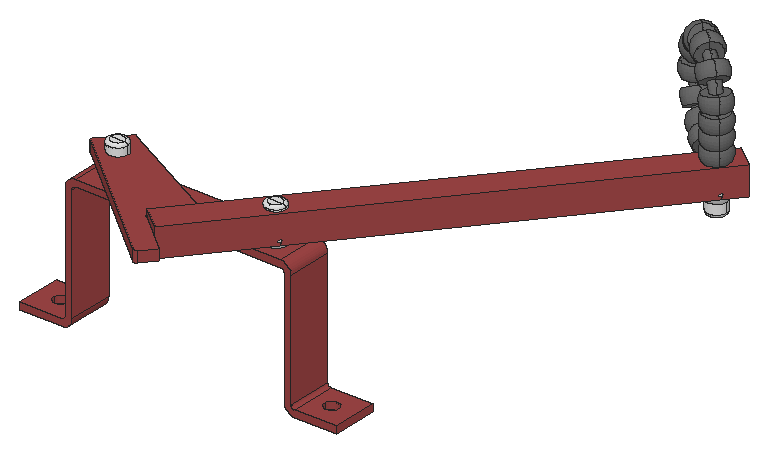
Revit family
Parameters (values of type "507040")
  URL = "www.galvinengineering.com.au"
  Type Comments = "507040"
  StyleOrType_ANZRS = "Fire Hose Reel Accessory"
  ModifiedIssue_ANZRS = 20120808.01  # constant formula
  Model = "507040"
  Manufacturer = "Galvin Engineering"
  Keynote = "10520"
  Instructions = "http://www.galvinengineering.com.au/Installation_Guides_1.aspx"
  FilterObject_ANZRS = "507040"
  DimHeight = 148.0 mm  # constant formula
  Description = "Fire Hose Reel Remote Wall Mounted Swing Arm"
  CreatedBy_ANZRS = "Galvin Engineering"
  CreatedByURL_ANZRS = "www.galvinengineering.com.au"
  CreatedByPhoneNo_ANZRS = "61-8-92495900"
  Assembly Code = "D4030"
Reference planes
  plane 1 "Center (Front/Back)": y = 0
  plane 2 "Bottom": z = 0
  plane 3 "Center (Left/Right)": x = 0
  plane 4 "01": through (277.363, 233.245, 4000) normal (-0.6338, -0.7735, 0)
  plane 5 "Left": x = -120
  plane 6: x = 120
  plane 7: y = 307
  plane 8: y = 20
  plane 9 "Top": z = 148
Forms (mm)
  Extrusion 1, solid, material "Metal_Fire-Fighting_Zincalume-Steel-Powder-Coated_15400"
    sketch origin (0, 0, 0) x (1, 0, 0) y (0, 0, 1)
      loop
        line (-103, 6) -> (-140, 6) -> (-140, 0) -> (-103, 0)
        arc (-103, 0) -> (-96.636, 2.636) -> (-94, 9) r 9
        line (-94, 9) -> (-94, 111.5)
        arc (-94, 111.5) -> (-93.121, 113.621) -> (-91, 114.5) r 3
        line (-91, 114.5) -> (91, 114.5)
        arc (91, 114.5) -> (93.121, 113.621) -> (94, 111.5) r 3
        line (94, 111.5) -> (94, 9)
        arc (94, 9) -> (96.636, 2.636) -> (103, 0) r 9
        line (103, 0) -> (140, 0) -> (140, 6) -> (103, 6)
        arc (103, 6) -> (100.879, 6.879) -> (100, 9) r 3
        line (100, 9) -> (100, 111.5)
        arc (100, 111.5) -> (97.364, 117.864) -> (91, 120.5) r 9
        line (91, 120.5) -> (-91, 120.5)
        arc (-91, 120.5) -> (-97.364, 117.864) -> (-100, 111.5) r 9
        line (-100, 111.5) -> (-100, 9)
        arc (-100, 9) -> (-100.879, 6.879) -> (-103, 6) r 3
    from -20 to 20
  Extrusion 2, solid, material "Metal_Fire-Fighting_Zincalume-Steel-Powder-Coated_15400"
    sketch origin (0, 0, 0) x (1, 0, 0) y (0, 1, 0)
      loop
        line (-93.068, -1.135) -> (25.596, -102.402)
        arc (25.596, -102.402) -> (27.78, -103.11) -> (29.826, -102.067) r 3
        line (29.826, -102.067) -> (39.563, -90.657) -> (3.051, -59.498) -> (28.367, -29.832) -> (-72.448, 24.016)
        arc (-72.448, 24.016) -> (-74.419, 24.318) -> (-76.144, 23.318) r 3
        line (-76.144, 23.318) -> (-93.402, 3.094)
        arc (-93.402, 3.094) -> (-94.111, 0.91) -> (-93.068, -1.135) r 3
    from 133 to 142.5
  Extrusion 3, solid, material "Metal_Fire-Fighting_Zincalume-Steel-Powder-Coated_15400"
    sketch origin (0, 0, 0) x (1, 0, 0) y (0, 1, 0)
      loop
        line (4.112, -59.985) -> (23.836, -76.148) -> (290.039, 248.715) -> (270.315, 264.877) -> (4.112, -59.985)
    from 122.5 to 148
  Revolve 4, solid, material "Metal_Fire-Fighting_Steel_15400"
    sketch origin (0, 0, 0) x (1, 0, 0) y (0, 0, 1)
      loop
        line (-69.75, 105.962) -> (-63.59, 105.962)
        arc (-63.59, 105.962) -> (-61.822, 106.694) -> (-61.09, 108.462) r 2.5
        line (-61.09, 108.462) -> (-61.09, 117.258)
        arc (-61.09, 117.258) -> (-57.229, 126.75) -> (-61.09, 136.242) r 13.598
        line (-61.09, 136.242) -> (-61.09, 149)
        arc (-61.09, 149) -> (-61.822, 150.768) -> (-63.59, 151.5) r 2.5
        line (-63.59, 151.5) -> (-69.75, 151.5) -> (-69.75, 105.962)
      axis (-69.75, 151.5) -> (-69.75, 105.962)
    angle from 0 to 360
  Revolve 5, solid, material "Metal_Fire-Fighting_Steel_15400"
    sketch origin (140, 0, 0) x (1, 0, 0) y (0, 0, 1)
      loop
        line (-69.75, 105.962) -> (-63.59, 105.962)
        arc (-63.59, 105.962) -> (-61.822, 106.694) -> (-61.09, 108.462) r 2.5
        line (-61.09, 108.462) -> (-61.09, 117.258)
        arc (-61.09, 117.258) -> (-57.229, 126.75) -> (-61.09, 136.242) r 13.598
        line (-61.09, 136.242) -> (-61.09, 149)
        arc (-61.09, 149) -> (-61.822, 150.768) -> (-63.59, 151.5) r 2.5
        line (-63.59, 151.5) -> (-69.75, 151.5) -> (-69.75, 105.962)
      axis (-69.75, 151.5) -> (-69.75, 105.962)
    angle from 0 to 360
  Revolve 6, solid, material "Metal_Fire-Fighting_Steel_15400"
    sketch origin (337.751, 241.327, 0) x (1, 0, 0) y (0, 0, 1)
      loop
        line (-69.75, 105.962) -> (-63.59, 105.962)
        arc (-63.59, 105.962) -> (-61.822, 106.694) -> (-61.09, 108.462) r 2.5
        line (-61.09, 108.462) -> (-61.09, 117.258)
        arc (-61.09, 117.258) -> (-57.229, 126.75) -> (-61.09, 136.242) r 13.598
        line (-61.09, 136.242) -> (-61.09, 149)
        arc (-61.09, 149) -> (-61.822, 150.768) -> (-63.59, 151.5) r 2.5
        line (-63.59, 151.5) -> (-69.75, 151.5) -> (-69.75, 105.962)
      axis (-69.75, 151.5) -> (-69.75, 105.962)
    angle from 0 to 360
  Extrusion 7, void
    sketch origin (0, 0, 0) x (1, 0, 0) y (0, 1, 0)
      loop
        circle (-120, 0) r 6.5
      loop
        circle (120, 0) r 6.5
    from 0 to 10
  Revolve 8, solid, material "Metal_Fire-Fighting_Black_15400"
    sketch origin (80.065, 395.143, 0) x (0.773483, -0.633817, 0) y (0, 0, 1)
      loop
        arc (253.52, 173.113) -> (255.041, 179.363) -> (253.52, 185.613) r 13.598
        line (253.52, 185.613) -> (242.52, 185.613) -> (242.52, 148) -> (253.461, 148)
        arc (253.461, 148) -> (255.041, 154.299) -> (253.52, 160.613) r 13.598
        arc (253.52, 160.613) -> (255.041, 166.863) -> (253.52, 173.113) r 13.598
      axis (242.52, 185.613) -> (242.52, 148)
    angle from 0 to 360
  Revolve 9, solid, material "Metal_Fire-Fighting_Black_15400"
    sketch origin (88.099, 388.56, 31.968) x (0.773483, -0.633817, 0) y (0, 0, 1)
      loop
        line (230.176, 168.014) -> (232.1, 155.663) -> (242.968, 157.356)
        arc (242.968, 157.356) -> (243.51, 163.766) -> (241.045, 169.707) r 13.598
        line (241.045, 169.707) -> (230.176, 168.014)
      axis (230.176, 168.014) -> (232.1, 155.663)
    angle from 0 to 360
  Revolve 10, solid, material "Metal_Fire-Fighting_Black_15400"
    sketch origin (181.825, 311.758, -52.578) x (0.639081, -0.523685, 0.56332) y (-0.435718, 0.357042, 0.826239)
      loop
        line (230.176, 168.014) -> (232.1, 155.663) -> (242.968, 157.356)
        arc (242.968, 157.356) -> (243.51, 163.766) -> (241.045, 169.707) r 13.598
        line (241.045, 169.707) -> (230.176, 168.014)
      axis (230.176, 168.014) -> (232.1, 155.663)
    angle from 0 to 360
  Revolve 11, solid, material "Metal_Fire-Fighting_Black_15400"
    sketch origin (296.103, 218.115, -54.174) x (0.282585, -0.231559, 0.930874) y (-0.720015, 0.590004, 0.365341)
      loop
        line (230.176, 168.014) -> (232.1, 155.663) -> (242.968, 157.356)
        arc (242.968, 157.356) -> (243.51, 163.766) -> (241.045, 169.707) r 13.598
        line (241.045, 169.707) -> (230.176, 168.014)
      axis (230.176, 168.014) -> (232.1, 155.663)
    angle from 0 to 360
  Revolve 12, solid, material "Metal_Fire-Fighting_Black_15400"
    sketch origin (391.22, 140.173, 27.735) x (-0.172116, 0.141038, 0.974928) y (-0.75409, 0.617926, -0.222521)
      loop
        line (230.176, 168.014) -> (232.1, 155.663) -> (242.968, 157.356)
        arc (242.968, 157.356) -> (243.51, 163.766) -> (241.045, 169.707) r 13.598
        line (241.045, 169.707) -> (230.176, 168.014)
      axis (230.176, 168.014) -> (232.1, 155.663)
    angle from 0 to 360
  Revolve 13, solid, material "Metal_Fire-Fighting_Black_15400"
    sketch origin (434.119, 105.02, 164.684) x (-0.567003, 0.464621, 0.680173) y (-0.526102, 0.431105, -0.733052)
      loop
        line (230.176, 168.014) -> (232.1, 155.663) -> (242.968, 157.356)
        arc (242.968, 157.356) -> (243.51, 163.766) -> (241.045, 169.707) r 13.598
        line (241.045, 169.707) -> (230.176, 168.014)
      axis (230.176, 168.014) -> (232.1, 155.663)
    angle from 0 to 360
  Revolve 14, solid, material "Metal_Fire-Fighting_Black_15400"
    sketch origin (409.893, 124.871, 309.08) x (-0.764844, 0.626738, 0.149042) y (-0.115282, 0.094466, -0.988831)
      loop
        line (230.176, 168.014) -> (232.1, 155.663) -> (242.968, 157.356)
        arc (242.968, 157.356) -> (243.51, 163.766) -> (241.045, 169.707) r 13.598
        line (241.045, 169.707) -> (230.176, 168.014)
      axis (230.176, 168.014) -> (232.1, 155.663)
    angle from 0 to 360
  Revolve 15, solid, material "Metal_Fire-Fighting_Black_15400"
    sketch origin (326.961, 192.829, 410.742) x (-0.696884, 0.57105, -0.433884) y (0.335602, -0.275003, -0.900969)
      loop
        line (230.176, 168.014) -> (232.1, 155.663) -> (242.968, 157.356)
        arc (242.968, 157.356) -> (243.51, 163.766) -> (241.045, 169.707) r 13.598
        line (241.045, 169.707) -> (230.176, 168.014)
      axis (230.176, 168.014) -> (232.1, 155.663)
    angle from 0 to 360
  Revolve 16, solid, material "Metal_Fire-Fighting_Black_15400"
    sketch origin (248.593, 257.047, 434.834) x (-0.486983, 0.39905, -0.776922) y (0.600935, -0.492426, -0.629597)
      loop
        line (228.252, 180.365) -> (232.1, 155.663) -> (242.968, 157.356)
        arc (242.968, 157.356) -> (243.51, 163.766) -> (241.045, 169.707) r 13.598
        arc (241.045, 169.707) -> (241.586, 176.117) -> (239.121, 182.058) r 13.598
        line (239.121, 182.058) -> (228.252, 180.365)
      axis (228.252, 180.365) -> (232.1, 155.663)
    angle from 0 to 360
  Sweep 17, solid, material "Metal_Fire-Fighting_Black_15400"
    path origin (80.065, 395.143, 0) x (0.773483, -0.633817, 0) y (0, 0, 1)
      loop
        arc (242.479, 184.436) -> (190.836, 216.029) -> (192.106, 155.502) r 34.5
    profile origin (227.674, 274.188, 216.029) x (0.385252, -0.315688, -0.867134) y (-0.633817, -0.773483, 0)
      loop
        circle (0, 0) r 5
Cuts and joins
  Extrusion 7 cuts Extrusion 1
  Extrusion 7 cuts Extrusion 2
  Extrusion 7 cuts Extrusion 3
  joined: Extrusion 1, Extrusion 2, Extrusion 3
  joined: Revolve 8, Revolve 9, Revolve 10, Revolve 11, Revolve 12, Revolve 13, Revolve 14, Revolve 15, Revolve 16, Sweep 17
  Extrusion 7 cuts Revolve 4
  Extrusion 7 cuts Revolve 5
Lines and regions (mm)
  symbolic lines
    curve 1: spline (198.202, 283.835, 0) -> (197.186, 285.841, 0) -> (196.738, 288.189, 0) -> (196.881, 290.752, 0) -> (197.608, 293.39, 0) -> (198.88, 295.961, 0) -> (200.627, 298.325, 0) -> (202.754, 300.353, 0) -> (205.146, 301.935, 0) -> (207.673, 302.986, 0) -> (210.198, 303.448, 0) -> (212.584, 303.296, 0) -> (214.701, 302.538, 0)
    curve 2: arc (214.701, 302.538, 0) -> (195.364, 302.967, 0) -> (198.202, 283.835, 0) r 12.652
    curve 3: spline (214.227, 279.712, 0) -> (209.29, 277.904, 0) -> (204.709, 278.398, 0) -> (201.423, 281.093, 0) -> (200.105, 285.436, 0) -> (201.024, 290.539, 0) -> (203.992, 295.356, 0) -> (208.402, 298.902, 0) -> (213.35, 300.45, 0) -> (217.824, 299.684, 0) -> (220.907, 296.76, 0) -> (221.969, 292.277, 0) -> (220.791, 287.152, 0)
    curve 4: line (198.202, 283.835, 0) -> (201.737, 280.299, 0)
    curve 5: line (214.701, 302.538, 0) -> (218.568, 299.369, 0)
    curve 6: line (280.177, 256.796, 0) -> (275.492, 251.064, 0)
    curve 7: line (64.607, -6.129, 0) -> (13.974, -68.066, 0)
    curve 8: line (260.095, 231.695, 0) -> (75.731, 6.705, 0)
    curve 9: line (-40.673, -6.66, 0) -> (-53.796, -22.039, 0)
    curve 10: line (-53.796, -22.039, 0) -> (-61.256, -15.673, 0)
    curve 11: line (-61.256, -15.673, 0) -> (-48.132, -0.294, 0)
    curve 12: line (-48.132, -0.294, 0) -> (-40.673, -6.66, 0)
Dimensions and locks
  locked: plane 7 to plane 8 at 287
  locked: plane 5 "Left" to plane 6 at 240
  "DimHeight": plane 9 "Top" to plane 2 "Bottom"
  aligned and locked: plane 2 "Bottom" to level
  aligned and locked: Extrusion 1 sketch curve to plane 2 "Bottom"
Automatic sketch dimensions
  curve 11 to plane 5 "Left" = 58.744 mm
  plane 1 "Center (Front/Back)" to curve 10 = 22.039 mm
  curve 10 to curve 10 = 7.459 mm
  plane 1 "Center (Front/Back)" to curve 11 = 0.294 mm
  curve 10 to curve 11 = 13.124 mm
  plane 3 "Center (Left/Right)" to curve 7 = 13.974 mm
  plane 1 "Center (Front/Back)" to curve 7 = 6.129 mm
  plane 6 to curve 7 = 55.393 mm
  curve 8 to plane 1 "Center (Front/Back)" = 6.705 mm
  curve 7 to curve 8 = 11.124 mm
  plane 7 to curve 4 = 23.165 mm
  curve 4 to plane 6 = 78.202 mm
  curve 4 to curve 1 = 1.062 mm
  plane 7 to curve 4 = 26.701 mm
  curve 1 to curve 4 = 2.474 mm
  curve 4 to curve 3 = 0.926 mm
  curve 1 to curve 2 = 6.65 mm
  curve 2 to curve 1 = 2.782 mm
  curve 1 to curve 3 = 3.4 mm
  curve 3 to curve 3 = 3.195 mm
  plane 7 to curve 5 = 4.462 mm
  curve 1 to curve 5 = 7.068 mm
  plane 7 to curve 5 = 7.631 mm
  curve 2 to curve 5 = 3.867 mm
  curve 3 to curve 3 = 6.564 mm
  curve 3 to curve 8 = 45.868 mm
  plane 7 to curve 6 = 55.936 mm
  curve 8 to curve 6 = 15.396 mm
  plane 7 to curve 6 = 50.204 mm
  curve 6 to curve 6 = 4.686 mm
  plane 1 "Center (Front/Back)" to curve 7 = 68.066 mm
  curve 8 to curve 6 = 19.37 mm
  curve 3 to curve 4 = 0.642 mm
  curve 3 to curve 3 = 9.434 mm
  Extrusion 1 sketch curve to Extrusion 1 sketch curve = 0.0 mm  (x8)
  Extrusion 1 sketch curve to level = 0.0 mm
  level to Extrusion 1 sketch curve = 6.0 mm
  plane 5 "Left" to Extrusion 1 sketch curve = 20.0 mm
  Extrusion 1 sketch curve to plane 5 "Left" = 17.0 mm
  Extrusion 1 sketch curve to Extrusion 1 sketch curve = 3.0 mm  (x2)
  plane 6 to Extrusion 1 sketch curve = 29.0 mm
  level to Extrusion 1 sketch curve = 9.0 mm
  plane 6 to Extrusion 1 sketch curve = 26.0 mm
  Extrusion 1 sketch curve to plane 6 = 20.0 mm
  plane 9 "Top" to Extrusion 1 sketch curve = 36.5 mm
  Extrusion 2 sketch curve to plane 1 "Center (Front/Back)" = 3.094 mm
  Extrusion 2 sketch curve to plane 5 "Left" = 26.598 mm
  plane 1 "Center (Front/Back)" to Extrusion 2 sketch curve = 1.135 mm
  Extrusion 2 sketch curve to Extrusion 2 sketch curve = 0.335 mm
  Extrusion 2 sketch curve to plane 1 "Center (Front/Back)" = 1.147 mm
  plane 8 to Extrusion 2 sketch curve = 3.318 mm
  Extrusion 2 sketch curve to Extrusion 2 sketch curve = 17.259 mm
  plane 8 to Extrusion 2 sketch curve = 1.37 mm
  Extrusion 2 sketch curve to Extrusion 2 sketch curve = 2.282 mm  (x2)
  plane 8 to Extrusion 2 sketch curve = 4.016 mm
  plane 3 "Center (Left/Right)" to Extrusion 2 sketch curve = 3.051 mm
  plane 3 "Center (Left/Right)" to Extrusion 2 sketch curve = 25.596 mm
  Extrusion 2 sketch curve to Extrusion 2 sketch curve = 1.947 mm  (x2)
  plane 3 "Center (Left/Right)" to Extrusion 2 sketch curve = 28.367 mm
  Extrusion 2 sketch curve to Extrusion 2 sketch curve = 9.737 mm
  plane 1 "Center (Front/Back)" to Extrusion 2 sketch curve = 29.832 mm
  Extrusion 2 sketch curve to Extrusion 2 sketch curve = 29.666 mm
  plane 3 "Center (Left/Right)" to Extrusion 3 sketch curve = 4.112 mm
  plane 3 "Center (Left/Right)" to Extrusion 3 sketch curve = 23.836 mm
  plane 7 to Extrusion 3 sketch curve = 42.123 mm
  Extrusion 3 sketch curve to plane 6 = 150.315 mm
  Extrusion 3 sketch curve to Extrusion 3 sketch curve = 16.162 mm
  Revolve 4 sketch curve to plane 5 "Left" = 49.174 mm
  Revolve 4 sketch curve to plane 9 "Top" = 3.5 mm
  Revolve 4 sketch curve to Revolve 4 sketch curve = 1.076 mm  (x2)
  Revolve 4 sketch curve to Revolve 4 sketch curve = 6.16 mm  (x2)
  Revolve 4 sketch curve to Revolve 4 sketch curve = 8.66 mm
  Revolve 4 sketch curve to Revolve 4 sketch curve = 2.5 mm
  plane 9 "Top" to Revolve 4 sketch curve = 11.758 mm
  Revolve 4 sketch curve to Revolve 4 sketch curve = 7.511 mm
  Revolve 4 sketch curve to Revolve 4 sketch curve = 1.981 mm
  Revolve 4 sketch curve to Revolve 4 sketch curve = 8.796 mm
  Revolve 4 sketch curve to Revolve 4 sketch curve = 13.689 mm
  plane 6 to Revolve 5 sketch curve = 50.826 mm
  Revolve 5 sketch curve to plane 9 "Top" = 3.5 mm
  Revolve 5 sketch curve to Revolve 5 sketch curve = 1.076 mm  (x2)
  Revolve 5 sketch curve to Revolve 5 sketch curve = 6.16 mm  (x2)
  Revolve 5 sketch curve to Revolve 5 sketch curve = 8.66 mm
  Revolve 5 sketch curve to Revolve 5 sketch curve = 2.5 mm
  plane 9 "Top" to Revolve 5 sketch curve = 11.758 mm
  Revolve 5 sketch curve to Revolve 5 sketch curve = 7.511 mm
  Revolve 5 sketch curve to Revolve 5 sketch curve = 1.981 mm
  Revolve 5 sketch curve to Revolve 5 sketch curve = 8.796 mm
  Revolve 5 sketch curve to Revolve 5 sketch curve = 13.689 mm
  plane 9 "Top" to Revolve 6 sketch curve = 21.25 mm
  Revolve 6 sketch curve to plane 6 = 146.925 mm
  Revolve 6 sketch curve to plane 9 "Top" = 3.5 mm
  Revolve 6 sketch curve to Revolve 6 sketch curve = 1.076 mm  (x2)
  Revolve 6 sketch curve to Revolve 6 sketch curve = 6.16 mm  (x2)
  Revolve 6 sketch curve to Revolve 6 sketch curve = 8.66 mm
  Revolve 6 sketch curve to Revolve 6 sketch curve = 2.5 mm
  Revolve 6 sketch curve to Revolve 6 sketch curve = 9.492 mm
  Revolve 6 sketch curve to Revolve 6 sketch curve = 8.796 mm
  Revolve 6 sketch curve to Revolve 6 sketch curve = 13.689 mm
  Revolve 6 sketch curve to Revolve 6 sketch curve = 1.981 mm
  plane 1 "Center (Front/Back)" to Extrusion 7 sketch curve = 0.0 mm  (x2)
  Extrusion 7 sketch curve to plane 5 "Left" = 0.0 mm
  Extrusion 7 sketch curve to plane 6 = 0.0 mm
  plane 9 "Top" to Revolve 8 sketch curve = 0.0 mm
  Revolve 8 sketch curve to plane 9 "Top" = 6.363 mm
  Revolve 8 sketch curve to Revolve 8 sketch curve = 0.0 mm  (x3)
  Revolve 8 sketch curve to Revolve 8 sketch curve = 1.076 mm  (x2)
  Revolve 8 sketch curve to Revolve 8 sketch curve = 10.941 mm
  Revolve 8 sketch curve to Revolve 8 sketch curve = 11.0 mm  (x2)
  plane 9 "Top" to Revolve 8 sketch curve = 16.194 mm
  Revolve 8 sketch curve to Revolve 8 sketch curve = 12.444 mm
  Revolve 8 sketch curve to Revolve 8 sketch curve = 0.056 mm
  Revolve 8 sketch curve to Revolve 8 sketch curve = 12.5 mm
  Revolve 9 sketch curve to plane 9 "Top" = 45.641 mm
  Revolve 9 sketch curve to plane 9 "Top" = 51.982 mm
  Revolve 9 sketch curve to Revolve 9 sketch curve = 0.102 mm
  Revolve 9 sketch curve to plane 9 "Top" = 45.807 mm
  Revolve 9 sketch curve to Revolve 9 sketch curve = 1.063 mm
  Revolve 9 sketch curve to plane 9 "Top" = 39.631 mm
  Revolve 9 sketch curve to Revolve 9 sketch curve = 0.962 mm
  Revolve 9 sketch curve to plane 9 "Top" = 38.113 mm
  Revolve 9 sketch curve to Revolve 9 sketch curve = 0.236 mm
  Revolve 9 sketch curve to Revolve 9 sketch curve = 10.869 mm
  Revolve 10 sketch curve to plane 9 "Top" = 62.608 mm
  Revolve 10 sketch curve to Revolve 10 sketch curve = 0.102 mm
  Revolve 10 sketch curve to Revolve 10 sketch curve = 1.063 mm
  Revolve 10 sketch curve to Revolve 10 sketch curve = 0.962 mm
  Revolve 10 sketch curve to Revolve 10 sketch curve = 0.236 mm
  Revolve 10 sketch curve to Revolve 10 sketch curve = 10.869 mm  (x2)
  Revolve 10 sketch curve to Revolve 10 sketch curve = 4.317 mm
  Revolve 10 sketch curve to Revolve 10 sketch curve = 1.518 mm
  Revolve 10 sketch curve to Revolve 10 sketch curve = 0.166 mm
  Revolve 11 sketch curve to plane 9 "Top" = 71.062 mm
  Revolve 11 sketch curve to Revolve 11 sketch curve = 0.102 mm
  Revolve 11 sketch curve to Revolve 11 sketch curve = 1.063 mm
  Revolve 11 sketch curve to Revolve 11 sketch curve = 0.962 mm
  Revolve 11 sketch curve to Revolve 11 sketch curve = 0.236 mm
  Revolve 11 sketch curve to Revolve 11 sketch curve = 10.869 mm  (x2)
  Revolve 11 sketch curve to Revolve 11 sketch curve = 4.317 mm
  Revolve 11 sketch curve to Revolve 11 sketch curve = 1.518 mm
  Revolve 11 sketch curve to Revolve 11 sketch curve = 0.166 mm
  Revolve 12 sketch curve to plane 9 "Top" = 68.065 mm
  Revolve 12 sketch curve to Revolve 12 sketch curve = 0.102 mm
  Revolve 12 sketch curve to Revolve 12 sketch curve = 1.063 mm
  Revolve 12 sketch curve to Revolve 12 sketch curve = 0.962 mm
  Revolve 12 sketch curve to Revolve 12 sketch curve = 0.236 mm
  Revolve 12 sketch curve to Revolve 12 sketch curve = 10.869 mm  (x2)
  Revolve 12 sketch curve to Revolve 12 sketch curve = 4.317 mm
  Revolve 12 sketch curve to Revolve 12 sketch curve = 1.518 mm
  Revolve 12 sketch curve to Revolve 12 sketch curve = 0.166 mm
  Revolve 13 sketch curve to plane 9 "Top" = 54.66 mm
  Revolve 13 sketch curve to Revolve 13 sketch curve = 0.102 mm
  Revolve 13 sketch curve to Revolve 13 sketch curve = 1.063 mm
  Revolve 13 sketch curve to Revolve 13 sketch curve = 0.962 mm
  Revolve 13 sketch curve to Revolve 13 sketch curve = 0.236 mm
  Revolve 13 sketch curve to Revolve 13 sketch curve = 10.869 mm  (x2)
  Revolve 13 sketch curve to Revolve 13 sketch curve = 4.317 mm
  Revolve 13 sketch curve to Revolve 13 sketch curve = 1.518 mm
  Revolve 13 sketch curve to Revolve 13 sketch curve = 0.166 mm
  Revolve 14 sketch curve to plane 9 "Top" = 35.504 mm
  Revolve 14 sketch curve to Revolve 14 sketch curve = 0.102 mm
  Revolve 14 sketch curve to Revolve 14 sketch curve = 1.063 mm
  Revolve 14 sketch curve to Revolve 14 sketch curve = 0.962 mm
  Revolve 14 sketch curve to Revolve 14 sketch curve = 0.236 mm
  Revolve 14 sketch curve to Revolve 14 sketch curve = 10.869 mm  (x2)
  Revolve 14 sketch curve to Revolve 14 sketch curve = 4.317 mm
  Revolve 14 sketch curve to Revolve 14 sketch curve = 1.518 mm
  Revolve 14 sketch curve to Revolve 14 sketch curve = 0.166 mm
  Revolve 15 sketch curve to plane 9 "Top" = 17.254 mm
  Revolve 15 sketch curve to Revolve 15 sketch curve = 0.102 mm
  Revolve 15 sketch curve to Revolve 15 sketch curve = 1.063 mm
  Revolve 15 sketch curve to Revolve 15 sketch curve = 0.962 mm
  Revolve 15 sketch curve to Revolve 15 sketch curve = 0.236 mm
  Revolve 15 sketch curve to Revolve 15 sketch curve = 10.869 mm  (x2)
  Revolve 15 sketch curve to Revolve 15 sketch curve = 4.317 mm
  Revolve 15 sketch curve to Revolve 15 sketch curve = 1.518 mm
  Revolve 15 sketch curve to Revolve 15 sketch curve = 0.166 mm
  Revolve 16 sketch curve to plane 9 "Top" = 0.014 mm
  Revolve 16 sketch curve to Revolve 16 sketch curve = 0.102 mm
  Revolve 16 sketch curve to Revolve 16 sketch curve = 1.924 mm  (x2)
  Revolve 16 sketch curve to Revolve 16 sketch curve = 1.063 mm
  Revolve 16 sketch curve to Revolve 16 sketch curve = 0.962 mm
  Revolve 16 sketch curve to Revolve 16 sketch curve = 0.236 mm
  Revolve 16 sketch curve to Revolve 16 sketch curve = 10.869 mm  (x2)
  Revolve 16 sketch curve to Revolve 16 sketch curve = 4.317 mm
  Revolve 16 sketch curve to Revolve 16 sketch curve = 12.185 mm
  Revolve 16 sketch curve to Revolve 16 sketch curve = 0.166 mm
  Revolve 16 sketch curve to Revolve 16 sketch curve = 1.518 mm
  Sweep 17 sketch curve to plane 9 "Top" = 7.502 mm
  Sweep 17 sketch curve to Sweep 17 sketch curve = 15.914 mm
  Sweep 17 sketch curve to Sweep 17 sketch curve = 34.459 mm
  Sweep 17 sketch curve to plane 9 "Top" = 36.436 mm
  profile plane to Sweep 17 sketch curve = 0.0 mm
  Sweep 17 sketch curve to profile plane = 0.0 mm
  radius of Extrusion 7 sketch curve = 6.5 mm  (x2)
  radius of Sweep 17 sketch curve = 5.0 mm
